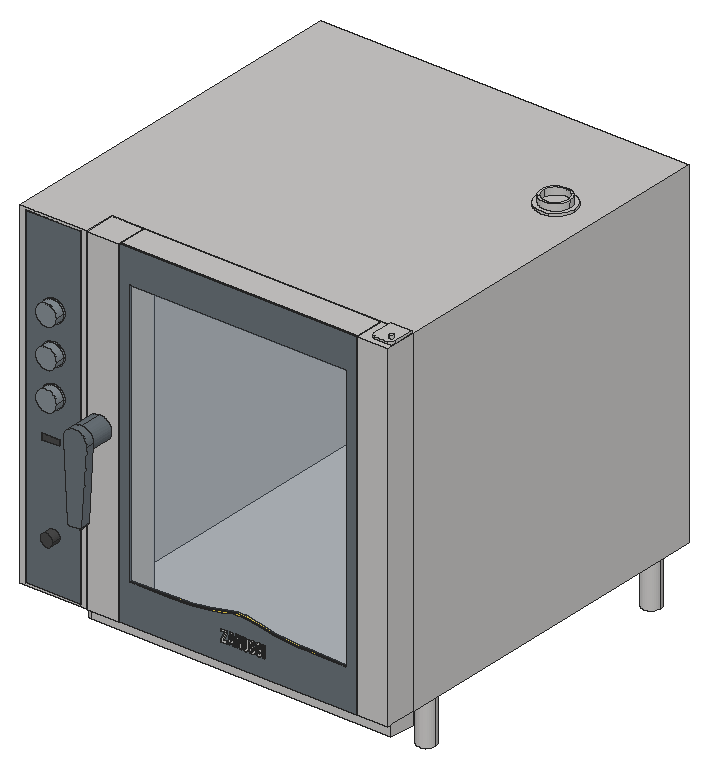
Revit family "QF_ZANUSSI_240453_ZFCE11SSDS", category Attrezzature speciali, Revit 2023 (continued)
Definition of nested family "ZAN_DOOR_CROSSWISE_H820"
  Automatic sketch dimensions
    plane 9 to Extrusion 14 sketch curve = 125.32 mm
    plane 9 to Extrusion 14 sketch curve = 57.166 mm
    plane 16 to Extrusion 14 sketch curve = 93.896 mm
    Extrusion 14 sketch curve to Extrusion 14 sketch curve = 0.343 mm
    Extrusion 14 sketch curve to Extrusion 14 sketch curve = 0.346 mm
    Extrusion 14 sketch curve to Extrusion 14 sketch curve = 1.209 mm
    Extrusion 14 sketch curve to Extrusion 14 sketch curve = 5.816 mm  (x2)
    Extrusion 14 sketch curve to Extrusion 14 sketch curve = 5.779 mm
    Extrusion 14 sketch curve to Extrusion 14 sketch curve = 5.783 mm
    Extrusion 15 sketch curve to Extrusion 15 sketch curve = 0 mm  (x13)
    Extrusion 15 sketch curve to plane 9 = 0 mm
    plane 13 to Extrusion 15 sketch curve = 0 mm
    Extrusion 15 sketch curve to plane 4 "Top" = 59.547 mm  (x2)
    plane 8 to Extrusion 15 sketch curve = 0.808 mm  (x2)
    plane 17 to Extrusion 15 sketch curve = 113.011 mm  (x2)
    Extrusion 15 sketch curve to Extrusion 15 sketch curve = 0.173 mm  (x2)
    Extrusion 15 sketch curve to Extrusion 15 sketch curve = 19.857 mm  (x2)
    Extrusion 15 sketch curve to Extrusion 15 sketch curve = 19.97 mm  (x2)
    plane 16 to Extrusion 15 sketch curve = 75.313 mm  (x2)
    Extrusion 15 sketch curve to Extrusion 15 sketch curve = 0.426 mm  (x2)
    Extrusion 15 sketch curve to Extrusion 15 sketch curve = 2.497 mm  (x2)
    Extrusion 15 sketch curve to Extrusion 15 sketch curve = 2.422 mm  (x2)
    plane 16 to Extrusion 15 sketch curve = 72.277 mm  (x2)
    plane 5 "Feet" to Extrusion 15 sketch curve = 14.106 mm
    Extrusion 15 sketch curve to Extrusion 15 sketch curve = 14.485 mm
    Extrusion 15 sketch curve to Extrusion 15 sketch curve = 15.571 mm
    Extrusion 15 sketch curve to level = 90.354 mm
    plane 13 to Extrusion 15 sketch curve = 172.943 mm
    Extrusion 15 sketch curve to Extrusion 15 sketch curve = 250.632 mm
    plane 13 to Extrusion 15 sketch curve = 38.728 mm
    plane 13 to Extrusion 15 sketch curve = 66.611 mm
    Extrusion 15 sketch curve to Extrusion 15 sketch curve = 79.596 mm
    Extrusion 15 sketch curve to Extrusion 15 sketch curve = 14.39 mm
    Extrusion 15 sketch curve to Extrusion 15 sketch curve = 0.048 mm  (x2)
    plane 13 to Extrusion 15 sketch curve = 105.804 mm
    Extrusion 15 sketch curve to Extrusion 15 sketch curve = 1.078 mm  (x2)
    Extrusion 15 sketch curve to Extrusion 15 sketch curve = 1.817 mm
    Extrusion 15 sketch curve to Extrusion 15 sketch curve = 0.955 mm  (x2)
    Extrusion 15 sketch curve to Extrusion 15 sketch curve = 20.088 mm
    Extrusion 15 sketch curve to Extrusion 15 sketch curve = 0.061 mm  (x2)
    plane 13 to Extrusion 15 sketch curve = 221.698 mm
    Extrusion 15 sketch curve to Extrusion 15 sketch curve = 28.998 mm
    Extrusion 15 sketch curve to Extrusion 15 sketch curve = 2.06 mm
    Extrusion 15 sketch curve to Extrusion 15 sketch curve = 0.191 mm
    Extrusion 15 sketch curve to Extrusion 15 sketch curve = 0.669 mm
    Extrusion 15 sketch curve to Extrusion 15 sketch curve = 1.051 mm
    Extrusion 15 sketch curve to Extrusion 15 sketch curve = 5.17 mm
    Extrusion 15 sketch curve to Extrusion 15 sketch curve = 63.165 mm
    Extrusion 15 sketch curve to Extrusion 15 sketch curve = 160.676 mm
    plane 9 to Extrusion 15 sketch curve = 132.574 mm
    plane 9 to Extrusion 15 sketch curve = 126.275 mm
    Extrusion 15 sketch curve to Extrusion 15 sketch curve = 0.216 mm
    Extrusion 15 sketch curve to Extrusion 15 sketch curve = 20.101 mm
    Extrusion 15 sketch curve to Extrusion 15 sketch curve = 14.439 mm
    plane 9 to Extrusion 15 sketch curve = 85.049 mm
    plane 9 to Extrusion 15 sketch curve = 57.166 mm
    plane 16 to Extrusion 15 sketch curve = 93.896 mm
    Extrusion 15 sketch curve to Extrusion 15 sketch curve = 0.343 mm
    Extrusion 15 sketch curve to Extrusion 15 sketch curve = 0.346 mm
    Extrusion 15 sketch curve to Extrusion 15 sketch curve = 1.209 mm
    Extrusion 15 sketch curve to Extrusion 15 sketch curve = 2.747 mm
    Extrusion 15 sketch curve to Extrusion 15 sketch curve = 2.745 mm  (x2)
    Extrusion 15 sketch curve to Extrusion 15 sketch curve = 2.666 mm
    Extrusion 15 sketch curve to Extrusion 15 sketch curve = 2.667 mm
    Extrusion 15 sketch curve to Extrusion 15 sketch curve = 5.816 mm  (x2)
    Extrusion 15 sketch curve to Extrusion 15 sketch curve = 2.231 mm
    Extrusion 15 sketch curve to Extrusion 15 sketch curve = 5.779 mm
    Extrusion 15 sketch curve to Extrusion 15 sketch curve = 5.783 mm
    Extrusion 15 sketch curve to Extrusion 15 sketch curve = 2.602 mm
    Extrusion 15 sketch curve to Extrusion 15 sketch curve = 2.603 mm
    Extrusion 2 sketch curve to plane 4 "Top" = 0 mm
    Extrusion 2 sketch curve to plane 8 = 0 mm
    Extrusion 2 sketch curve to plane 9 = 0 mm
    Extrusion 2 sketch curve to plane 5 "Feet" = 0 mm
    plane 8 to Extrusion 2 sketch curve = 0.808 mm  (x2)
    plane 17 to Extrusion 2 sketch curve = 113.011 mm  (x2)
    Extrusion 2 sketch curve to Extrusion 2 sketch curve = 40 mm  (x2)
    plane 16 to Extrusion 2 sketch curve = 72.816 mm
    Extrusion 2 sketch curve to Extrusion 2 sketch curve = 0.351 mm  (x2)
    plane 16 to Extrusion 2 sketch curve = 72.277 mm
    Extrusion 2 sketch curve to Extrusion 2 sketch curve = 0.187 mm  (x2)
    plane 5 "Feet" to Extrusion 2 sketch curve = 51.274 mm
    Extrusion 2 sketch curve to Extrusion 2 sketch curve = 0 mm  (x5)
    Extrusion 2 sketch curve to Extrusion 2 sketch curve = 15.473 mm
    plane 9 to Extrusion 2 sketch curve = 191.381 mm
    Extrusion 2 sketch curve to level = 340.986 mm
    plane 15 to Extrusion 2 sketch curve = 0 mm
    plane 13 to Extrusion 2 sketch curve = 66.611 mm
    plane 13 to Extrusion 2 sketch curve = 79.596 mm
    Extrusion 2 sketch curve to Extrusion 2 sketch curve = 14.439 mm  (x2)
    plane 13 to Extrusion 2 sketch curve = 107.621 mm
    Extrusion 2 sketch curve to Extrusion 2 sketch curve = 0.216 mm  (x2)
    Extrusion 2 sketch curve to Extrusion 2 sketch curve = 20.101 mm  (x2)
    Extrusion 2 sketch curve to Extrusion 2 sketch curve = 160.676 mm
    Extrusion 2 sketch curve to Extrusion 2 sketch curve = 137.516 mm
    Extrusion 2 sketch curve to Extrusion 2 sketch curve = 1.285 mm
    Extrusion 2 sketch curve to Extrusion 2 sketch curve = 0.691 mm
    Extrusion 2 sketch curve to Extrusion 2 sketch curve = 3.257 mm
    plane 9 to Extrusion 2 sketch curve = 132.574 mm
    plane 9 to Extrusion 2 sketch curve = 126.275 mm
    plane 9 to Extrusion 2 sketch curve = 85.049 mm
    Extrusion 2 sketch curve to plane 14 = 0 mm
    plane 16 to Extrusion 2 sketch curve = 90.843 mm
    Extrusion 2 sketch curve to Extrusion 2 sketch curve = 0.408 mm
    Extrusion 2 sketch curve to Extrusion 2 sketch curve = 0.411 mm
    Extrusion 2 sketch curve to Extrusion 2 sketch curve = 0.755 mm
    Extrusion 2 sketch curve to Extrusion 2 sketch curve = 0.758 mm
    Extrusion 2 sketch curve to Extrusion 2 sketch curve = 5.38 mm
    Extrusion 2 sketch curve to Extrusion 2 sketch curve = 6.15 mm
    Extrusion 2 sketch curve to Extrusion 2 sketch curve = 6.154 mm
    plane 13 to Extrusion 2 sketch curve = 0 mm
    plane 17 to Extrusion 14 sketch curve = 112.838 mm  (x2)
    Extrusion 14 sketch curve to level = 90.354 mm
    Extrusion 14 sketch curve to plane 3 "Center (Left/Right)" = 205.804 mm
    Extrusion 14 sketch curve to plane 3 "Center (Left/Right)" = 321.698 mm
    Extrusion 14 sketch curve to Extrusion 14 sketch curve = 138.871 mm
    Extrusion 14 sketch curve to Extrusion 14 sketch curve = 63.165 mm
    Extrusion 8 sketch curve to plane 17 = 0 mm
    Extrusion 8 sketch curve to plane 18 = 0 mm
    plane 18 to Extrusion 8 sketch curve = 11.817 mm
    Extrusion 8 sketch curve to Extrusion 8 sketch curve = 4.988 mm
    Extrusion 8 sketch curve to plane 17 = 1.756 mm
    Extrusion 8 sketch curve to plane 12 = 19.055 mm
    Extrusion 8 sketch curve to plane 18 = 11.817 mm
    Extrusion 8 sketch curve to Extrusion 8 sketch curve = 4.99 mm
    Extrusion 8 sketch curve to Extrusion 8 sketch curve = 176.899 mm
    Extrusion 8 sketch curve to Extrusion 8 sketch curve = 0 mm
    Extrusion 8 sketch curve to Extrusion 8 sketch curve = 0.313 mm
    Extrusion 8 sketch curve to plane 11 = 0.013 mm
    plane 1 "Center (Front/Back)" to curve 5 = 0 mm
    curve 8 to plane 3 "Center (Left/Right)" = 0 mm
    curve 14 to plane 3 "Center (Left/Right)" = 2.67 mm
    curve 12 to plane 3 "Center (Left/Right)" = 12.67 mm
    curve 16 to curve 13 = 4.431 mm
    curve 15 to curve 11 = 10 mm
    curve 4 to plane 12 = 11.987 mm
    curve 3 to plane 11 = 0.013 mm
    curve 6 to plane 11 = 0.004 mm
    curve 3 to curve 2 = 74.533 mm
    curve 13 to curve 16 = 8.081 mm
    curve 10 to plane 10 = 0 mm
    plane 9 to curve 9 = 0 mm
    curve 3 to curve 1 = 20 mm
    Extrusion 13 sketch curve to plane 6 "Front" = 0 mm
    Extrusion 13 sketch curve to plane 3 "Center (Left/Right)" = 0 mm
    Extrusion 13 sketch curve to plane 3 "Center (Left/Right)" = 17.33 mm
    plane 6 "Front" to Extrusion 13 sketch curve = 22.83 mm
    plane 11 to Extrusion 13 sketch curve = 0.004 mm
    curve 15 to plane 10 = 22.33 mm
    curve 3 to plane 6 "Front" = 75 mm
    plane 6 "Front" to curve 12 = 15 mm
    curve 18 to plane 6 "Front" = 0 mm
    curve 18 to plane 3 "Center (Left/Right)" = 0 mm
    curve 18 to curve 13 = 4.66 mm
    curve 18 to curve 13 = 2.17 mm
    curve 17 to curve 7 = 672.575 mm
    plane 11 to curve 18 = 0.004 mm
    radius of Extrusion 9 sketch curve = 28 mm
    radius of Extrusion 11 sketch curve = 5 mm
    radius of curve 16 = 5 mm
